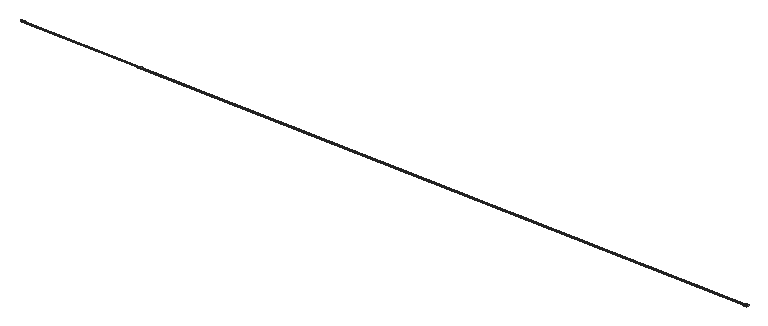
Revit family "Flex Pro IP65_0068179-82", category Lighting Fixtures, host Face, Revit 2017 (continued)
Automatic sketch dimensions
  Extrusion 54 sketch curve to Extrusion 54 sketch curve = 3.4 mm  (x6)
  Extrusion 55 sketch curve to Extrusion 55 sketch curve = 2.8 mm  (x6)
  Extrusion 55 sketch curve to Extrusion 55 sketch curve = 5.5 mm  (x5)
  Extrusion 55 sketch curve to Extrusion 55 sketch curve = 0 mm  (x5)
  Extrusion 55 sketch curve to Extrusion 55 sketch curve = 3.4 mm  (x6)
  Extrusion 56 sketch curve to Extrusion 56 sketch curve = 2.8 mm  (x6)
  Extrusion 56 sketch curve to Extrusion 56 sketch curve = 5.5 mm  (x5)
  Extrusion 56 sketch curve to Extrusion 56 sketch curve = 0 mm  (x5)
  Extrusion 56 sketch curve to Extrusion 56 sketch curve = 3.4 mm  (x6)
  Extrusion 57 sketch curve to Extrusion 57 sketch curve = 2.8 mm  (x6)
  Extrusion 57 sketch curve to Extrusion 57 sketch curve = 5.5 mm  (x5)
  Extrusion 57 sketch curve to Extrusion 57 sketch curve = 0 mm  (x5)
  Extrusion 57 sketch curve to Extrusion 57 sketch curve = 3.4 mm  (x6)
  Extrusion 58 sketch curve to Extrusion 58 sketch curve = 2.8 mm  (x6)
  Extrusion 58 sketch curve to Extrusion 58 sketch curve = 5.5 mm  (x5)
  Extrusion 58 sketch curve to Extrusion 58 sketch curve = 0 mm  (x5)
  Extrusion 58 sketch curve to Extrusion 58 sketch curve = 3.4 mm  (x6)
  Extrusion 59 sketch curve to Extrusion 59 sketch curve = 2.8 mm  (x6)
  Extrusion 59 sketch curve to Extrusion 59 sketch curve = 5.5 mm  (x5)
  Extrusion 59 sketch curve to Extrusion 59 sketch curve = 0 mm  (x5)
  Extrusion 59 sketch curve to Extrusion 59 sketch curve = 3.4 mm  (x6)
  Extrusion 60 sketch curve to Extrusion 60 sketch curve = 2.8 mm  (x6)
  Extrusion 60 sketch curve to Extrusion 60 sketch curve = 5.5 mm  (x5)
  Extrusion 60 sketch curve to Extrusion 60 sketch curve = 0 mm  (x5)
  Extrusion 60 sketch curve to Extrusion 60 sketch curve = 3.4 mm  (x6)
  Extrusion 61 sketch curve to Extrusion 61 sketch curve = 2.8 mm  (x6)
  Extrusion 61 sketch curve to Extrusion 61 sketch curve = 5.5 mm  (x5)
  Extrusion 61 sketch curve to Extrusion 61 sketch curve = 0 mm  (x5)
  Extrusion 61 sketch curve to Extrusion 61 sketch curve = 3.4 mm  (x6)
  Extrusion 62 sketch curve to Extrusion 62 sketch curve = 2.8 mm  (x6)
  Extrusion 62 sketch curve to Extrusion 62 sketch curve = 5.5 mm  (x5)
  Extrusion 62 sketch curve to Extrusion 62 sketch curve = 0 mm  (x5)
  Extrusion 62 sketch curve to Extrusion 62 sketch curve = 3.4 mm  (x6)
  Extrusion 63 sketch curve to Extrusion 63 sketch curve = 2.8 mm  (x6)
  Extrusion 63 sketch curve to Extrusion 63 sketch curve = 5.5 mm  (x5)
  Extrusion 63 sketch curve to Extrusion 63 sketch curve = 0 mm  (x5)
  Extrusion 63 sketch curve to Extrusion 63 sketch curve = 3.4 mm  (x6)
  Extrusion 64 sketch curve to Extrusion 64 sketch curve = 2.8 mm  (x6)
  Extrusion 64 sketch curve to Extrusion 64 sketch curve = 5.5 mm  (x5)
  Extrusion 64 sketch curve to Extrusion 64 sketch curve = 0 mm  (x5)
  Extrusion 64 sketch curve to Extrusion 64 sketch curve = 3.4 mm  (x6)
  Extrusion 65 sketch curve to Extrusion 65 sketch curve = 2.8 mm  (x6)
  Extrusion 65 sketch curve to Extrusion 65 sketch curve = 5.5 mm  (x5)
  Extrusion 65 sketch curve to Extrusion 65 sketch curve = 0 mm  (x5)
  Extrusion 65 sketch curve to Extrusion 65 sketch curve = 3.4 mm  (x6)
  Extrusion 66 sketch curve to Extrusion 66 sketch curve = 2.8 mm  (x6)
  Extrusion 66 sketch curve to Extrusion 66 sketch curve = 5.5 mm  (x5)
  Extrusion 66 sketch curve to Extrusion 66 sketch curve = 0 mm  (x5)
  Extrusion 66 sketch curve to Extrusion 66 sketch curve = 3.4 mm  (x6)
  Extrusion 67 sketch curve to Extrusion 67 sketch curve = 2.8 mm  (x6)
  Extrusion 67 sketch curve to Extrusion 67 sketch curve = 5.5 mm  (x5)
  Extrusion 67 sketch curve to Extrusion 67 sketch curve = 0 mm  (x5)
  Extrusion 67 sketch curve to Extrusion 67 sketch curve = 3.4 mm  (x6)
  Extrusion 68 sketch curve to Extrusion 68 sketch curve = 2.8 mm  (x6)
  Extrusion 68 sketch curve to Extrusion 68 sketch curve = 5.5 mm  (x5)
  Extrusion 68 sketch curve to Extrusion 68 sketch curve = 0 mm  (x5)
  Extrusion 68 sketch curve to Extrusion 68 sketch curve = 3.4 mm  (x6)
  Extrusion 69 sketch curve to Extrusion 69 sketch curve = 2.8 mm  (x6)
  Extrusion 69 sketch curve to Extrusion 69 sketch curve = 5.5 mm  (x5)
  Extrusion 69 sketch curve to Extrusion 69 sketch curve = 0 mm  (x5)
  Extrusion 69 sketch curve to Extrusion 69 sketch curve = 3.4 mm  (x6)
  Extrusion 70 sketch curve to Extrusion 70 sketch curve = 2.8 mm  (x6)
  Extrusion 70 sketch curve to Extrusion 70 sketch curve = 5.5 mm  (x5)
  Extrusion 70 sketch curve to Extrusion 70 sketch curve = 0 mm  (x5)
  Extrusion 70 sketch curve to Extrusion 70 sketch curve = 3.4 mm  (x6)
  Extrusion 71 sketch curve to Extrusion 71 sketch curve = 2.8 mm  (x6)
  Extrusion 71 sketch curve to Extrusion 71 sketch curve = 5.5 mm  (x5)
  Extrusion 71 sketch curve to Extrusion 71 sketch curve = 0 mm  (x5)
  Extrusion 71 sketch curve to Extrusion 71 sketch curve = 3.4 mm  (x6)
  Extrusion 72 sketch curve to Extrusion 72 sketch curve = 2.8 mm  (x6)
  Extrusion 72 sketch curve to Extrusion 72 sketch curve = 5.5 mm  (x5)
  Extrusion 72 sketch curve to Extrusion 72 sketch curve = 0 mm  (x5)
  Extrusion 72 sketch curve to Extrusion 72 sketch curve = 3.4 mm  (x6)
  Extrusion 73 sketch curve to Extrusion 73 sketch curve = 2.8 mm  (x6)
  Extrusion 73 sketch curve to Extrusion 73 sketch curve = 5.5 mm  (x5)
  Extrusion 73 sketch curve to Extrusion 73 sketch curve = 0 mm  (x5)
  Extrusion 73 sketch curve to Extrusion 73 sketch curve = 3.4 mm  (x6)
  Extrusion 74 sketch curve to Extrusion 74 sketch curve = 2.8 mm  (x6)
  Extrusion 74 sketch curve to Extrusion 74 sketch curve = 5.5 mm  (x5)
  Extrusion 74 sketch curve to Extrusion 74 sketch curve = 0 mm  (x5)
  Extrusion 74 sketch curve to Extrusion 74 sketch curve = 3.4 mm  (x6)
  Extrusion 75 sketch curve to Extrusion 75 sketch curve = 2.8 mm  (x6)
  Extrusion 75 sketch curve to Extrusion 75 sketch curve = 5.5 mm  (x5)
  Extrusion 75 sketch curve to Extrusion 75 sketch curve = 0 mm  (x5)
  Extrusion 75 sketch curve to Extrusion 75 sketch curve = 3.4 mm  (x6)
  Extrusion 76 sketch curve to Extrusion 76 sketch curve = 2.8 mm  (x6)
  Extrusion 76 sketch curve to Extrusion 76 sketch curve = 5.5 mm  (x5)
  Extrusion 76 sketch curve to Extrusion 76 sketch curve = 0 mm  (x5)
  Extrusion 76 sketch curve to Extrusion 76 sketch curve = 3.4 mm  (x6)
  Extrusion 77 sketch curve to Extrusion 77 sketch curve = 2.8 mm  (x6)
  Extrusion 77 sketch curve to Extrusion 77 sketch curve = 5.5 mm  (x5)
  Extrusion 77 sketch curve to Extrusion 77 sketch curve = 0 mm  (x5)
  Extrusion 77 sketch curve to Extrusion 77 sketch curve = 3.4 mm  (x6)
  Extrusion 78 sketch curve to Extrusion 78 sketch curve = 2.8 mm  (x6)
  Extrusion 78 sketch curve to Extrusion 78 sketch curve = 5.5 mm  (x5)
  Extrusion 78 sketch curve to Extrusion 78 sketch curve = 0 mm  (x5)
  Extrusion 78 sketch curve to Extrusion 78 sketch curve = 3.4 mm  (x6)
  Extrusion 79 sketch curve to Extrusion 79 sketch curve = 2.8 mm  (x6)
  Extrusion 79 sketch curve to Extrusion 79 sketch curve = 5.5 mm  (x5)
  Extrusion 79 sketch curve to Extrusion 79 sketch curve = 0 mm  (x5)
  Extrusion 79 sketch curve to Extrusion 79 sketch curve = 3.4 mm  (x6)
  Extrusion 80 sketch curve to Extrusion 80 sketch curve = 2.8 mm  (x6)
  Extrusion 80 sketch curve to Extrusion 80 sketch curve = 5.5 mm  (x5)
  Extrusion 80 sketch curve to Extrusion 80 sketch curve = 0 mm  (x5)
  Extrusion 80 sketch curve to Extrusion 80 sketch curve = 3.4 mm  (x6)
  Extrusion 81 sketch curve to Extrusion 81 sketch curve = 2.8 mm  (x6)
  Extrusion 81 sketch curve to Extrusion 81 sketch curve = 5.5 mm  (x5)
  Extrusion 81 sketch curve to Extrusion 81 sketch curve = 0 mm  (x5)
  Extrusion 81 sketch curve to Extrusion 81 sketch curve = 3.4 mm  (x6)
  Extrusion 82 sketch curve to Extrusion 82 sketch curve = 2.8 mm  (x6)
  Extrusion 82 sketch curve to Extrusion 82 sketch curve = 5.5 mm  (x5)
  Extrusion 82 sketch curve to Extrusion 82 sketch curve = 0 mm  (x5)
  Extrusion 82 sketch curve to Extrusion 82 sketch curve = 3.4 mm  (x6)
  Extrusion 83 sketch curve to Extrusion 83 sketch curve = 2.8 mm  (x6)
  Extrusion 83 sketch curve to Extrusion 83 sketch curve = 5.5 mm  (x5)
  Extrusion 83 sketch curve to Extrusion 83 sketch curve = 0 mm  (x5)
  Extrusion 83 sketch curve to Extrusion 83 sketch curve = 3.4 mm  (x6)
  Extrusion 84 sketch curve to Extrusion 84 sketch curve = 2.8 mm  (x6)
  Extrusion 84 sketch curve to Extrusion 84 sketch curve = 5.5 mm  (x5)
  Extrusion 84 sketch curve to Extrusion 84 sketch curve = 0 mm  (x5)
  Extrusion 84 sketch curve to Extrusion 84 sketch curve = 3.4 mm  (x6)
  Extrusion 85 sketch curve to Extrusion 85 sketch curve = 2.8 mm  (x6)
  Extrusion 85 sketch curve to Extrusion 85 sketch curve = 5.5 mm  (x5)
  Extrusion 85 sketch curve to Extrusion 85 sketch curve = 0 mm  (x5)
  Extrusion 85 sketch curve to Extrusion 85 sketch curve = 3.4 mm  (x6)
  Extrusion 86 sketch curve to Extrusion 86 sketch curve = 2.8 mm  (x6)
  Extrusion 86 sketch curve to Extrusion 86 sketch curve = 5.5 mm  (x5)
  Extrusion 86 sketch curve to Extrusion 86 sketch curve = 0 mm  (x5)
  Extrusion 86 sketch curve to Extrusion 86 sketch curve = 3.4 mm  (x6)
  Extrusion 87 sketch curve to Extrusion 87 sketch curve = 2.8 mm  (x6)
  Extrusion 87 sketch curve to Extrusion 87 sketch curve = 5.5 mm  (x5)
  Extrusion 87 sketch curve to Extrusion 87 sketch curve = 0 mm  (x5)
  Extrusion 87 sketch curve to Extrusion 87 sketch curve = 3.4 mm  (x6)
  Extrusion 88 sketch curve to Extrusion 88 sketch curve = 2.8 mm  (x6)
  Extrusion 88 sketch curve to Extrusion 88 sketch curve = 5.5 mm  (x5)
  Extrusion 88 sketch curve to Extrusion 88 sketch curve = 0 mm  (x5)
  Extrusion 88 sketch curve to Extrusion 88 sketch curve = 3.4 mm  (x6)
  Extrusion 89 sketch curve to Extrusion 89 sketch curve = 2.8 mm  (x6)
  Extrusion 89 sketch curve to Extrusion 89 sketch curve = 5.5 mm  (x5)
  Extrusion 89 sketch curve to Extrusion 89 sketch curve = 0 mm  (x5)
  Extrusion 89 sketch curve to Extrusion 89 sketch curve = 3.4 mm  (x6)
  Extrusion 90 sketch curve to Extrusion 90 sketch curve = 2.8 mm  (x6)
  Extrusion 90 sketch curve to Extrusion 90 sketch curve = 5.5 mm  (x5)
  Extrusion 90 sketch curve to Extrusion 90 sketch curve = 0 mm  (x5)
  Extrusion 90 sketch curve to Extrusion 90 sketch curve = 3.4 mm  (x6)
  Extrusion 91 sketch curve to Extrusion 91 sketch curve = 2.8 mm  (x6)
  Extrusion 91 sketch curve to Extrusion 91 sketch curve = 5.5 mm  (x5)
  Extrusion 91 sketch curve to Extrusion 91 sketch curve = 0 mm  (x5)
  Extrusion 91 sketch curve to Extrusion 91 sketch curve = 3.4 mm  (x6)
  Extrusion 92 sketch curve to Extrusion 92 sketch curve = 2.8 mm  (x6)
  Extrusion 92 sketch curve to Extrusion 92 sketch curve = 5.5 mm  (x5)
  Extrusion 92 sketch curve to Extrusion 92 sketch curve = 0 mm  (x5)
  Extrusion 92 sketch curve to Extrusion 92 sketch curve = 3.4 mm  (x6)
  Extrusion 93 sketch curve to Extrusion 93 sketch curve = 2.8 mm  (x6)
  Extrusion 93 sketch curve to Extrusion 93 sketch curve = 5.5 mm  (x5)
  Extrusion 93 sketch curve to Extrusion 93 sketch curve = 0 mm  (x5)
  Extrusion 93 sketch curve to Extrusion 93 sketch curve = 3.4 mm  (x6)
  Extrusion 94 sketch curve to Extrusion 94 sketch curve = 2.8 mm  (x6)
  Extrusion 94 sketch curve to Extrusion 94 sketch curve = 5.5 mm  (x5)
  Extrusion 94 sketch curve to Extrusion 94 sketch curve = 0 mm  (x5)
  Extrusion 94 sketch curve to Extrusion 94 sketch curve = 3.4 mm  (x6)
  Extrusion 95 sketch curve to Extrusion 95 sketch curve = 2.8 mm  (x6)
  Extrusion 95 sketch curve to Extrusion 95 sketch curve = 5.5 mm  (x5)
  Extrusion 95 sketch curve to Extrusion 95 sketch curve = 0 mm  (x5)
  Extrusion 95 sketch curve to Extrusion 95 sketch curve = 3.4 mm  (x6)
  Extrusion 96 sketch curve to Extrusion 96 sketch curve = 2.8 mm  (x6)
  Extrusion 96 sketch curve to Extrusion 96 sketch curve = 5.5 mm  (x5)
  Extrusion 96 sketch curve to Extrusion 96 sketch curve = 0 mm  (x5)
  Extrusion 96 sketch curve to Extrusion 96 sketch curve = 3.4 mm  (x6)
  Extrusion 97 sketch curve to Extrusion 97 sketch curve = 2.8 mm  (x6)
  Extrusion 97 sketch curve to Extrusion 97 sketch curve = 5.5 mm  (x5)
  Extrusion 97 sketch curve to Extrusion 97 sketch curve = 0 mm  (x5)
  Extrusion 97 sketch curve to Extrusion 97 sketch curve = 3.4 mm  (x6)
  Extrusion 98 sketch curve to Extrusion 98 sketch curve = 2.8 mm  (x6)
  Extrusion 98 sketch curve to Extrusion 98 sketch curve = 5.5 mm  (x5)
  Extrusion 98 sketch curve to Extrusion 98 sketch curve = 0 mm  (x5)
  Extrusion 98 sketch curve to Extrusion 98 sketch curve = 3.4 mm  (x6)
  Extrusion 99 sketch curve to Extrusion 99 sketch curve = 2.8 mm  (x6)
  Extrusion 99 sketch curve to Extrusion 99 sketch curve = 5.5 mm  (x5)
  Extrusion 99 sketch curve to Extrusion 99 sketch curve = 0 mm  (x5)
  Extrusion 99 sketch curve to Extrusion 99 sketch curve = 3.4 mm  (x6)
  Extrusion 100 sketch curve to Extrusion 100 sketch curve = 2.8 mm  (x6)
  Extrusion 100 sketch curve to Extrusion 100 sketch curve = 5.5 mm  (x5)
  Extrusion 100 sketch curve to Extrusion 100 sketch curve = 0 mm  (x5)
  Extrusion 100 sketch curve to Extrusion 100 sketch curve = 3.4 mm  (x6)
  Extrusion 101 sketch curve to Extrusion 101 sketch curve = 2.8 mm  (x6)
  Extrusion 101 sketch curve to Extrusion 101 sketch curve = 5.5 mm  (x5)
  Extrusion 101 sketch curve to Extrusion 101 sketch curve = 0 mm  (x5)
  Extrusion 101 sketch curve to Extrusion 101 sketch curve = 3.4 mm  (x6)
  Extrusion 102 sketch curve to Extrusion 102 sketch curve = 2.8 mm  (x6)
  Extrusion 102 sketch curve to Extrusion 102 sketch curve = 5.5 mm  (x5)
  Extrusion 102 sketch curve to Extrusion 102 sketch curve = 0 mm  (x5)
  Extrusion 102 sketch curve to Extrusion 102 sketch curve = 3.4 mm  (x6)
  Extrusion 103 sketch curve to Extrusion 103 sketch curve = 2.8 mm  (x6)
  Extrusion 103 sketch curve to Extrusion 103 sketch curve = 5.5 mm  (x5)
  Extrusion 103 sketch curve to Extrusion 103 sketch curve = 0 mm  (x5)
  Extrusion 103 sketch curve to Extrusion 103 sketch curve = 3.4 mm  (x6)
  Extrusion 104 sketch curve to Extrusion 104 sketch curve = 2.8 mm  (x6)
  Extrusion 104 sketch curve to Extrusion 104 sketch curve = 5.5 mm  (x5)
  Extrusion 104 sketch curve to Extrusion 104 sketch curve = 0 mm  (x5)
  Extrusion 104 sketch curve to Extrusion 104 sketch curve = 3.4 mm  (x6)
  Extrusion 105 sketch curve to Extrusion 105 sketch curve = 2.8 mm  (x6)
  Extrusion 105 sketch curve to Extrusion 105 sketch curve = 5.5 mm  (x5)
  Extrusion 105 sketch curve to Extrusion 105 sketch curve = 0 mm  (x5)
  Extrusion 105 sketch curve to Extrusion 105 sketch curve = 3.4 mm  (x6)
  Extrusion 106 sketch curve to Extrusion 106 sketch curve = 2.8 mm  (x6)
  Extrusion 106 sketch curve to Extrusion 106 sketch curve = 5.5 mm  (x5)
  Extrusion 106 sketch curve to Extrusion 106 sketch curve = 0 mm  (x5)
  Extrusion 106 sketch curve to Extrusion 106 sketch curve = 3.4 mm  (x6)
  Extrusion 7 sketch curve to Extrusion 7 sketch curve = 2.1 mm  (x4)
  Extrusion 7 sketch curve to Extrusion 7 sketch curve = 6.2 mm  (x2)
  Extrusion 7 sketch curve to Extrusion 7 sketch curve = 14.5 mm
  Extrusion 7 sketch curve to Extrusion 7 sketch curve = 0 mm  (x3)
  Extrusion 7 sketch curve to Extrusion 7 sketch curve = 3 mm  (x4)
  Extrusion 107 sketch curve to Extrusion 107 sketch curve = 2.1 mm  (x4)
  Extrusion 107 sketch curve to Extrusion 107 sketch curve = 6.2 mm  (x2)
  Extrusion 107 sketch curve to Extrusion 107 sketch curve = 14.5 mm
  Extrusion 107 sketch curve to Extrusion 107 sketch curve = 0 mm  (x3)
  Extrusion 107 sketch curve to Extrusion 107 sketch curve = 3 mm  (x4)
  Extrusion 108 sketch curve to Extrusion 108 sketch curve = 2.1 mm  (x4)
  Extrusion 108 sketch curve to Extrusion 108 sketch curve = 6.2 mm  (x2)
  Extrusion 108 sketch curve to Extrusion 108 sketch curve = 14.5 mm
  Extrusion 108 sketch curve to Extrusion 108 sketch curve = 0 mm  (x3)
  Extrusion 108 sketch curve to Extrusion 108 sketch curve = 3 mm  (x4)
  Extrusion 109 sketch curve to Extrusion 109 sketch curve = 2.1 mm  (x4)
  Extrusion 109 sketch curve to Extrusion 109 sketch curve = 6.2 mm  (x2)
  Extrusion 109 sketch curve to Extrusion 109 sketch curve = 14.5 mm
  Extrusion 109 sketch curve to Extrusion 109 sketch curve = 0 mm  (x3)
  Extrusion 109 sketch curve to Extrusion 109 sketch curve = 3 mm  (x4)
  Extrusion 110 sketch curve to Extrusion 110 sketch curve = 2.1 mm  (x4)
  Extrusion 110 sketch curve to Extrusion 110 sketch curve = 6.2 mm  (x2)
  Extrusion 110 sketch curve to Extrusion 110 sketch curve = 14.5 mm
  Extrusion 110 sketch curve to Extrusion 110 sketch curve = 0 mm  (x3)
  Extrusion 110 sketch curve to Extrusion 110 sketch curve = 3 mm  (x4)
  Extrusion 111 sketch curve to Extrusion 111 sketch curve = 2.1 mm  (x4)
  Extrusion 111 sketch curve to Extrusion 111 sketch curve = 6.2 mm  (x2)
  Extrusion 111 sketch curve to Extrusion 111 sketch curve = 14.5 mm
  Extrusion 111 sketch curve to Extrusion 111 sketch curve = 0 mm  (x3)
  Extrusion 111 sketch curve to Extrusion 111 sketch curve = 3 mm  (x4)
  Extrusion 112 sketch curve to Extrusion 112 sketch curve = 2.1 mm  (x4)
  Extrusion 112 sketch curve to Extrusion 112 sketch curve = 6.2 mm  (x2)
  Extrusion 112 sketch curve to Extrusion 112 sketch curve = 14.5 mm
  Extrusion 112 sketch curve to Extrusion 112 sketch curve = 0 mm  (x3)
  Extrusion 112 sketch curve to Extrusion 112 sketch curve = 3 mm  (x4)
  Extrusion 113 sketch curve to Extrusion 113 sketch curve = 2.1 mm  (x4)
  Extrusion 113 sketch curve to Extrusion 113 sketch curve = 6.2 mm  (x2)
  Extrusion 113 sketch curve to Extrusion 113 sketch curve = 14.5 mm
  Extrusion 113 sketch curve to Extrusion 113 sketch curve = 0 mm  (x3)
  Extrusion 113 sketch curve to Extrusion 113 sketch curve = 3 mm  (x4)
  Extrusion 114 sketch curve to Extrusion 114 sketch curve = 2.1 mm  (x4)
  Extrusion 114 sketch curve to Extrusion 114 sketch curve = 6.2 mm  (x2)
  Extrusion 114 sketch curve to Extrusion 114 sketch curve = 14.5 mm
  Extrusion 114 sketch curve to Extrusion 114 sketch curve = 0 mm  (x3)
  Extrusion 114 sketch curve to Extrusion 114 sketch curve = 3 mm  (x4)
  Extrusion 115 sketch curve to Extrusion 115 sketch curve = 2.1 mm  (x4)
  Extrusion 115 sketch curve to Extrusion 115 sketch curve = 6.2 mm  (x2)
  Extrusion 115 sketch curve to Extrusion 115 sketch curve = 14.5 mm
  Extrusion 115 sketch curve to Extrusion 115 sketch curve = 0 mm  (x3)
  Extrusion 115 sketch curve to Extrusion 115 sketch curve = 3 mm  (x4)
  Extrusion 116 sketch curve to Extrusion 116 sketch curve = 2.1 mm  (x4)
  Extrusion 116 sketch curve to Extrusion 116 sketch curve = 6.2 mm  (x2)
  Extrusion 116 sketch curve to Extrusion 116 sketch curve = 14.5 mm
  Extrusion 116 sketch curve to Extrusion 116 sketch curve = 0 mm  (x3)
  Extrusion 116 sketch curve to Extrusion 116 sketch curve = 3 mm  (x4)
  Extrusion 117 sketch curve to Extrusion 117 sketch curve = 2.1 mm  (x4)
  Extrusion 117 sketch curve to Extrusion 117 sketch curve = 6.2 mm  (x2)
  Extrusion 117 sketch curve to Extrusion 117 sketch curve = 14.5 mm
  Extrusion 117 sketch curve to Extrusion 117 sketch curve = 0 mm  (x3)
  Extrusion 117 sketch curve to Extrusion 117 sketch curve = 3 mm  (x4)
  Extrusion 118 sketch curve to Extrusion 118 sketch curve = 2.1 mm  (x4)
  Extrusion 118 sketch curve to Extrusion 118 sketch curve = 6.2 mm  (x2)
  Extrusion 118 sketch curve to Extrusion 118 sketch curve = 14.5 mm
  Extrusion 118 sketch curve to Extrusion 118 sketch curve = 0 mm  (x3)
  Extrusion 118 sketch curve to Extrusion 118 sketch curve = 3 mm  (x4)
  Extrusion 119 sketch curve to Extrusion 119 sketch curve = 2.1 mm  (x4)
  Extrusion 119 sketch curve to Extrusion 119 sketch curve = 6.2 mm  (x2)
  Extrusion 119 sketch curve to Extrusion 119 sketch curve = 14.5 mm
  Extrusion 119 sketch curve to Extrusion 119 sketch curve = 0 mm  (x3)
  Extrusion 119 sketch curve to Extrusion 119 sketch curve = 3 mm  (x4)
  Extrusion 120 sketch curve to Extrusion 120 sketch curve = 2.1 mm  (x4)
  Extrusion 120 sketch curve to Extrusion 120 sketch curve = 6.2 mm  (x2)
  Extrusion 120 sketch curve to Extrusion 120 sketch curve = 14.5 mm
  Extrusion 120 sketch curve to Extrusion 120 sketch curve = 0 mm  (x3)
  Extrusion 120 sketch curve to Extrusion 120 sketch curve = 3 mm  (x4)
  Extrusion 121 sketch curve to Extrusion 121 sketch curve = 2.1 mm  (x4)
  Extrusion 121 sketch curve to Extrusion 121 sketch curve = 6.2 mm  (x2)
  Extrusion 121 sketch curve to Extrusion 121 sketch curve = 14.5 mm
  Extrusion 121 sketch curve to Extrusion 121 sketch curve = 0 mm  (x3)
  Extrusion 121 sketch curve to Extrusion 121 sketch curve = 3 mm  (x4)
  Extrusion 122 sketch curve to Extrusion 122 sketch curve = 2.1 mm  (x4)
  Extrusion 122 sketch curve to Extrusion 122 sketch curve = 6.2 mm  (x2)
  Extrusion 122 sketch curve to Extrusion 122 sketch curve = 14.5 mm
  Extrusion 122 sketch curve to Extrusion 122 sketch curve = 0 mm  (x3)
  Extrusion 122 sketch curve to Extrusion 122 sketch curve = 3 mm  (x4)
  Extrusion 123 sketch curve to Extrusion 123 sketch curve = 2.1 mm  (x4)
  Extrusion 123 sketch curve to Extrusion 123 sketch curve = 6.2 mm  (x2)
  Extrusion 123 sketch curve to Extrusion 123 sketch curve = 14.5 mm
  Extrusion 123 sketch curve to Extrusion 123 sketch curve = 0 mm  (x3)
  Extrusion 123 sketch curve to Extrusion 123 sketch curve = 3 mm  (x4)
  Extrusion 124 sketch curve to Extrusion 124 sketch curve = 2.1 mm  (x4)
  Extrusion 124 sketch curve to Extrusion 124 sketch curve = 6.2 mm  (x2)
  Extrusion 124 sketch curve to Extrusion 124 sketch curve = 14.5 mm
  Extrusion 124 sketch curve to Extrusion 124 sketch curve = 0 mm  (x3)
  Extrusion 124 sketch curve to Extrusion 124 sketch curve = 3 mm  (x4)
  Extrusion 125 sketch curve to Extrusion 125 sketch curve = 2.1 mm  (x4)
  Extrusion 125 sketch curve to Extrusion 125 sketch curve = 6.2 mm  (x2)
  Extrusion 125 sketch curve to Extrusion 125 sketch curve = 14.5 mm
  Extrusion 125 sketch curve to Extrusion 125 sketch curve = 0 mm  (x3)
  Extrusion 125 sketch curve to Extrusion 125 sketch curve = 3 mm  (x4)
  Extrusion 126 sketch curve to Extrusion 126 sketch curve = 2.1 mm  (x4)
  Extrusion 126 sketch curve to Extrusion 126 sketch curve = 6.2 mm  (x2)
  Extrusion 126 sketch curve to Extrusion 126 sketch curve = 14.5 mm
  Extrusion 126 sketch curve to Extrusion 126 sketch curve = 0 mm  (x3)
  Extrusion 126 sketch curve to Extrusion 126 sketch curve = 3 mm  (x4)
  Extrusion 127 sketch curve to Extrusion 127 sketch curve = 2.1 mm  (x4)
  Extrusion 127 sketch curve to Extrusion 127 sketch curve = 6.2 mm  (x2)
  Extrusion 127 sketch curve to Extrusion 127 sketch curve = 14.5 mm
  Extrusion 127 sketch curve to Extrusion 127 sketch curve = 0 mm  (x3)
  Extrusion 127 sketch curve to Extrusion 127 sketch curve = 3 mm  (x4)
  Extrusion 128 sketch curve to Extrusion 128 sketch curve = 2.1 mm  (x4)
  Extrusion 128 sketch curve to Extrusion 128 sketch curve = 6.2 mm  (x2)
  Extrusion 128 sketch curve to Extrusion 128 sketch curve = 14.5 mm
  Extrusion 128 sketch curve to Extrusion 128 sketch curve = 0 mm  (x3)
  Extrusion 128 sketch curve to Extrusion 128 sketch curve = 3 mm  (x4)
  Extrusion 129 sketch curve to Extrusion 129 sketch curve = 2.1 mm  (x4)
  Extrusion 129 sketch curve to Extrusion 129 sketch curve = 6.2 mm  (x2)
  Extrusion 129 sketch curve to Extrusion 129 sketch curve = 14.5 mm
  Extrusion 129 sketch curve to Extrusion 129 sketch curve = 0 mm  (x3)
  Extrusion 129 sketch curve to Extrusion 129 sketch curve = 3 mm  (x4)
  Extrusion 130 sketch curve to Extrusion 130 sketch curve = 2.1 mm  (x4)
  Extrusion 130 sketch curve to Extrusion 130 sketch curve = 6.2 mm  (x2)
  Extrusion 130 sketch curve to Extrusion 130 sketch curve = 14.5 mm
  Extrusion 130 sketch curve to Extrusion 130 sketch curve = 0 mm  (x3)
  Extrusion 130 sketch curve to Extrusion 130 sketch curve = 3 mm  (x4)
  Extrusion 131 sketch curve to Extrusion 131 sketch curve = 2.1 mm  (x4)
  Extrusion 131 sketch curve to Extrusion 131 sketch curve = 6.2 mm  (x2)
  Extrusion 131 sketch curve to Extrusion 131 sketch curve = 14.5 mm
  Extrusion 131 sketch curve to Extrusion 131 sketch curve = 0 mm  (x3)
  Extrusion 131 sketch curve to Extrusion 131 sketch curve = 3 mm  (x4)
  Extrusion 132 sketch curve to Extrusion 132 sketch curve = 2.1 mm  (x4)
  Extrusion 132 sketch curve to Extrusion 132 sketch curve = 6.2 mm  (x2)
  Extrusion 132 sketch curve to Extrusion 132 sketch curve = 14.5 mm
  Extrusion 132 sketch curve to Extrusion 132 sketch curve = 0 mm  (x3)
  Extrusion 132 sketch curve to Extrusion 132 sketch curve = 3 mm  (x4)
  Extrusion 133 sketch curve to Extrusion 133 sketch curve = 2.1 mm  (x4)
  Extrusion 133 sketch curve to Extrusion 133 sketch curve = 6.2 mm  (x2)
  Extrusion 133 sketch curve to Extrusion 133 sketch curve = 14.5 mm
  Extrusion 133 sketch curve to Extrusion 133 sketch curve = 0 mm  (x3)
  Extrusion 133 sketch curve to Extrusion 133 sketch curve = 3 mm  (x4)
  Extrusion 134 sketch curve to Extrusion 134 sketch curve = 2.1 mm  (x4)
  Extrusion 134 sketch curve to Extrusion 134 sketch curve = 6.2 mm  (x2)
  Extrusion 134 sketch curve to Extrusion 134 sketch curve = 14.5 mm
  Extrusion 134 sketch curve to Extrusion 134 sketch curve = 0 mm  (x3)
  Extrusion 134 sketch curve to Extrusion 134 sketch curve = 3 mm  (x4)
  Extrusion 135 sketch curve to Extrusion 135 sketch curve = 2.1 mm  (x4)
  Extrusion 135 sketch curve to Extrusion 135 sketch curve = 6.2 mm  (x2)
  Extrusion 135 sketch curve to Extrusion 135 sketch curve = 14.5 mm
  Extrusion 135 sketch curve to Extrusion 135 sketch curve = 0 mm  (x3)
  Extrusion 135 sketch curve to Extrusion 135 sketch curve = 3 mm  (x4)
  Extrusion 136 sketch curve to Extrusion 136 sketch curve = 2.1 mm  (x4)
  Extrusion 136 sketch curve to Extrusion 136 sketch curve = 6.2 mm  (x2)
  Extrusion 136 sketch curve to Extrusion 136 sketch curve = 14.5 mm
  Extrusion 136 sketch curve to Extrusion 136 sketch curve = 0 mm  (x3)
  Extrusion 136 sketch curve to Extrusion 136 sketch curve = 3 mm  (x4)
  Extrusion 137 sketch curve to Extrusion 137 sketch curve = 2.1 mm  (x4)
  Extrusion 137 sketch curve to Extrusion 137 sketch curve = 6.2 mm  (x2)
  Extrusion 137 sketch curve to Extrusion 137 sketch curve = 14.5 mm
  Extrusion 137 sketch curve to Extrusion 137 sketch curve = 0 mm  (x3)
  Extrusion 137 sketch curve to Extrusion 137 sketch curve = 3 mm  (x4)
  Extrusion 138 sketch curve to Extrusion 138 sketch curve = 2.1 mm  (x4)
  Extrusion 138 sketch curve to Extrusion 138 sketch curve = 6.2 mm  (x2)
  Extrusion 138 sketch curve to Extrusion 138 sketch curve = 14.5 mm
  Extrusion 138 sketch curve to Extrusion 138 sketch curve = 0 mm  (x3)
  Extrusion 138 sketch curve to Extrusion 138 sketch curve = 3 mm  (x4)
  Extrusion 139 sketch curve to Extrusion 139 sketch curve = 2.1 mm  (x4)
  Extrusion 139 sketch curve to Extrusion 139 sketch curve = 6.2 mm  (x2)
  Extrusion 139 sketch curve to Extrusion 139 sketch curve = 14.5 mm
  Extrusion 139 sketch curve to Extrusion 139 sketch curve = 0 mm  (x3)
  Extrusion 139 sketch curve to Extrusion 139 sketch curve = 3 mm  (x4)
  Extrusion 140 sketch curve to Extrusion 140 sketch curve = 2.1 mm  (x4)
  Extrusion 140 sketch curve to Extrusion 140 sketch curve = 6.2 mm  (x2)
  Extrusion 140 sketch curve to Extrusion 140 sketch curve = 14.5 mm
  Extrusion 140 sketch curve to Extrusion 140 sketch curve = 0 mm  (x3)
  Extrusion 140 sketch curve to Extrusion 140 sketch curve = 3 mm  (x4)
  Extrusion 141 sketch curve to Extrusion 141 sketch curve = 2.1 mm  (x4)
  Extrusion 141 sketch curve to Extrusion 141 sketch curve = 6.2 mm  (x2)
  Extrusion 141 sketch curve to Extrusion 141 sketch curve = 14.5 mm
  Extrusion 141 sketch curve to Extrusion 141 sketch curve = 0 mm  (x3)
  Extrusion 141 sketch curve to Extrusion 141 sketch curve = 3 mm  (x4)
  Extrusion 142 sketch curve to Extrusion 142 sketch curve = 2.1 mm  (x4)
  Extrusion 142 sketch curve to Extrusion 142 sketch curve = 6.2 mm  (x2)
  Extrusion 142 sketch curve to Extrusion 142 sketch curve = 14.5 mm
  Extrusion 142 sketch curve to Extrusion 142 sketch curve = 0 mm  (x3)
  Extrusion 142 sketch curve to Extrusion 142 sketch curve = 3 mm  (x4)
  Extrusion 143 sketch curve to Extrusion 143 sketch curve = 2.1 mm  (x4)
  Extrusion 143 sketch curve to Extrusion 143 sketch curve = 6.2 mm  (x2)
  Extrusion 143 sketch curve to Extrusion 143 sketch curve = 14.5 mm
  Extrusion 143 sketch curve to Extrusion 143 sketch curve = 0 mm  (x3)
  Extrusion 143 sketch curve to Extrusion 143 sketch curve = 3 mm  (x4)
  Extrusion 144 sketch curve to Extrusion 144 sketch curve = 2.1 mm  (x4)
  Extrusion 144 sketch curve to Extrusion 144 sketch curve = 6.2 mm  (x2)
  Extrusion 144 sketch curve to Extrusion 144 sketch curve = 14.5 mm
  Extrusion 144 sketch curve to Extrusion 144 sketch curve = 0 mm  (x3)
  Extrusion 144 sketch curve to Extrusion 144 sketch curve = 3 mm  (x4)
  Extrusion 145 sketch curve to Extrusion 145 sketch curve = 2.1 mm  (x4)
  Extrusion 145 sketch curve to Extrusion 145 sketch curve = 6.2 mm  (x2)
  Extrusion 145 sketch curve to Extrusion 145 sketch curve = 14.5 mm
  Extrusion 145 sketch curve to Extrusion 145 sketch curve = 0 mm  (x3)
  Extrusion 145 sketch curve to Extrusion 145 sketch curve = 3 mm  (x4)
  Extrusion 146 sketch curve to Extrusion 146 sketch curve = 2.1 mm  (x4)
  Extrusion 146 sketch curve to Extrusion 146 sketch curve = 6.2 mm  (x2)
  Extrusion 146 sketch curve to Extrusion 146 sketch curve = 14.5 mm
  Extrusion 146 sketch curve to Extrusion 146 sketch curve = 0 mm  (x3)
  Extrusion 146 sketch curve to Extrusion 146 sketch curve = 3 mm  (x4)
  Extrusion 147 sketch curve to Extrusion 147 sketch curve = 2.1 mm  (x4)
  Extrusion 147 sketch curve to Extrusion 147 sketch curve = 6.2 mm  (x2)
  Extrusion 147 sketch curve to Extrusion 147 sketch curve = 14.5 mm
  Extrusion 147 sketch curve to Extrusion 147 sketch curve = 0 mm  (x3)
  Extrusion 147 sketch curve to Extrusion 147 sketch curve = 3 mm  (x4)
  Extrusion 148 sketch curve to Extrusion 148 sketch curve = 2.1 mm  (x4)
  Extrusion 148 sketch curve to Extrusion 148 sketch curve = 6.2 mm  (x2)
  Extrusion 148 sketch curve to Extrusion 148 sketch curve = 14.5 mm
  Extrusion 148 sketch curve to Extrusion 148 sketch curve = 0 mm  (x3)
  Extrusion 148 sketch curve to Extrusion 148 sketch curve = 3 mm  (x4)
  Extrusion 149 sketch curve to Extrusion 149 sketch curve = 2.1 mm  (x4)
  Extrusion 149 sketch curve to Extrusion 149 sketch curve = 6.2 mm  (x2)
  Extrusion 149 sketch curve to Extrusion 149 sketch curve = 14.5 mm
  Extrusion 149 sketch curve to Extrusion 149 sketch curve = 0 mm  (x3)
  Extrusion 149 sketch curve to Extrusion 149 sketch curve = 3 mm  (x4)
  Extrusion 150 sketch curve to Extrusion 150 sketch curve = 2.1 mm  (x4)
  Extrusion 150 sketch curve to Extrusion 150 sketch curve = 6.2 mm  (x2)
  Extrusion 150 sketch curve to Extrusion 150 sketch curve = 14.5 mm
  Extrusion 150 sketch curve to Extrusion 150 sketch curve = 0 mm  (x3)
  Extrusion 150 sketch curve to Extrusion 150 sketch curve = 3 mm  (x4)
  Extrusion 151 sketch curve to Extrusion 151 sketch curve = 2.1 mm  (x4)
  Extrusion 151 sketch curve to Extrusion 151 sketch curve = 6.2 mm  (x2)
  Extrusion 151 sketch curve to Extrusion 151 sketch curve = 14.5 mm
  Extrusion 151 sketch curve to Extrusion 151 sketch curve = 0 mm  (x3)
  Extrusion 151 sketch curve to Extrusion 151 sketch curve = 3 mm  (x4)
  Extrusion 152 sketch curve to Extrusion 152 sketch curve = 2.1 mm  (x4)
  Extrusion 152 sketch curve to Extrusion 152 sketch curve = 6.2 mm  (x2)
  Extrusion 152 sketch curve to Extrusion 152 sketch curve = 14.5 mm
  Extrusion 152 sketch curve to Extrusion 152 sketch curve = 0 mm  (x3)
  Extrusion 152 sketch curve to Extrusion 152 sketch curve = 3 mm  (x4)
  Extrusion 153 sketch curve to Extrusion 153 sketch curve = 2.1 mm  (x4)
  Extrusion 153 sketch curve to Extrusion 153 sketch curve = 6.2 mm  (x2)
  Extrusion 153 sketch curve to Extrusion 153 sketch curve = 14.5 mm
  Extrusion 153 sketch curve to Extrusion 153 sketch curve = 0 mm  (x3)
  Extrusion 153 sketch curve to Extrusion 153 sketch curve = 3 mm  (x4)
  Extrusion 154 sketch curve to Extrusion 154 sketch curve = 2.1 mm  (x4)
  Extrusion 154 sketch curve to Extrusion 154 sketch curve = 6.2 mm  (x2)
  Extrusion 154 sketch curve to Extrusion 154 sketch curve = 14.5 mm
  Extrusion 154 sketch curve to Extrusion 154 sketch curve = 0 mm  (x3)
  Extrusion 154 sketch curve to Extrusion 154 sketch curve = 3 mm  (x4)
  Extrusion 155 sketch curve to Extrusion 155 sketch curve = 2.1 mm  (x4)
  Extrusion 155 sketch curve to Extrusion 155 sketch curve = 6.2 mm  (x2)
  Extrusion 155 sketch curve to Extrusion 155 sketch curve = 14.5 mm
  Extrusion 155 sketch curve to Extrusion 155 sketch curve = 0 mm  (x3)
  Extrusion 155 sketch curve to Extrusion 155 sketch curve = 3 mm  (x4)
  Extrusion 156 sketch curve to Extrusion 156 sketch curve = 2.1 mm  (x4)
  Extrusion 156 sketch curve to Extrusion 156 sketch curve = 6.2 mm  (x2)
  Extrusion 156 sketch curve to Extrusion 156 sketch curve = 14.5 mm
  Extrusion 156 sketch curve to Extrusion 156 sketch curve = 0 mm  (x3)
  Extrusion 156 sketch curve to Extrusion 156 sketch curve = 3 mm  (x4)
  Extrusion 157 sketch curve to Extrusion 157 sketch curve = 2.1 mm  (x4)
  Extrusion 157 sketch curve to Extrusion 157 sketch curve = 6.2 mm  (x2)
  Extrusion 157 sketch curve to Extrusion 157 sketch curve = 14.5 mm
  Extrusion 157 sketch curve to Extrusion 157 sketch curve = 0 mm  (x3)
  Extrusion 157 sketch curve to Extrusion 157 sketch curve = 3 mm  (x4)
  Extrusion 158 sketch curve to Extrusion 158 sketch curve = 2.1 mm  (x4)
  Extrusion 158 sketch curve to Extrusion 158 sketch curve = 6.2 mm  (x2)
  Extrusion 158 sketch curve to Extrusion 158 sketch curve = 14.5 mm
  Extrusion 158 sketch curve to Extrusion 158 sketch curve = 0 mm  (x3)
  Extrusion 158 sketch curve to Extrusion 158 sketch curve = 3 mm  (x4)
  Extrusion 159 sketch curve to Extrusion 159 sketch curve = 2.1 mm  (x4)
  Extrusion 159 sketch curve to Extrusion 159 sketch curve = 6.2 mm  (x2)
  Extrusion 159 sketch curve to Extrusion 159 sketch curve = 14.5 mm
  Extrusion 159 sketch curve to Extrusion 159 sketch curve = 0 mm  (x3)
  Extrusion 159 sketch curve to Extrusion 159 sketch curve = 3 mm  (x4)
  Extrusion 160 sketch curve to Extrusion 160 sketch curve = 2.1 mm  (x4)
  Extrusion 160 sketch curve to Extrusion 160 sketch curve = 6.2 mm  (x2)
  Extrusion 160 sketch curve to Extrusion 160 sketch curve = 14.5 mm
  Extrusion 160 sketch curve to Extrusion 160 sketch curve = 0 mm  (x3)
  Extrusion 160 sketch curve to Extrusion 160 sketch curve = 3 mm  (x4)
  Extrusion 161 sketch curve to Extrusion 161 sketch curve = 2.1 mm  (x4)
  Extrusion 161 sketch curve to Extrusion 161 sketch curve = 6.2 mm  (x2)
  Extrusion 161 sketch curve to Extrusion 161 sketch curve = 14.5 mm
  Extrusion 161 sketch curve to Extrusion 161 sketch curve = 0 mm  (x3)
  Extrusion 161 sketch curve to Extrusion 161 sketch curve = 3 mm  (x4)
  Extrusion 162 sketch curve to Extrusion 162 sketch curve = 2.1 mm  (x4)
  Extrusion 162 sketch curve to Extrusion 162 sketch curve = 6.2 mm  (x2)
  Extrusion 162 sketch curve to Extrusion 162 sketch curve = 14.5 mm
  Extrusion 162 sketch curve to Extrusion 162 sketch curve = 0 mm  (x3)
  Extrusion 162 sketch curve to Extrusion 162 sketch curve = 3 mm  (x4)
  Extrusion 163 sketch curve to Extrusion 163 sketch curve = 2.1 mm  (x4)
  Extrusion 163 sketch curve to Extrusion 163 sketch curve = 6.2 mm  (x2)
  Extrusion 163 sketch curve to Extrusion 163 sketch curve = 14.5 mm
  Extrusion 163 sketch curve to Extrusion 163 sketch curve = 0 mm  (x3)
  Extrusion 163 sketch curve to Extrusion 163 sketch curve = 3 mm  (x4)
  Extrusion 164 sketch curve to Extrusion 164 sketch curve = 2.1 mm  (x4)
  Extrusion 164 sketch curve to Extrusion 164 sketch curve = 6.2 mm  (x2)
  Extrusion 164 sketch curve to Extrusion 164 sketch curve = 14.5 mm
  Extrusion 164 sketch curve to Extrusion 164 sketch curve = 0 mm  (x3)
  Extrusion 164 sketch curve to Extrusion 164 sketch curve = 3 mm  (x4)
  Extrusion 165 sketch curve to Extrusion 165 sketch curve = 2.1 mm  (x4)
  Extrusion 165 sketch curve to Extrusion 165 sketch curve = 6.2 mm  (x2)
  Extrusion 165 sketch curve to Extrusion 165 sketch curve = 14.5 mm
  Extrusion 165 sketch curve to Extrusion 165 sketch curve = 0 mm  (x3)
  Extrusion 165 sketch curve to Extrusion 165 sketch curve = 3 mm  (x4)
  Extrusion 166 sketch curve to Extrusion 166 sketch curve = 2.1 mm  (x4)
  Extrusion 166 sketch curve to Extrusion 166 sketch curve = 6.2 mm  (x2)
  Extrusion 166 sketch curve to Extrusion 166 sketch curve = 14.5 mm
  Extrusion 166 sketch curve to Extrusion 166 sketch curve = 0 mm  (x3)
  Extrusion 166 sketch curve to Extrusion 166 sketch curve = 3 mm  (x4)
  Extrusion 167 sketch curve to Extrusion 167 sketch curve = 2.1 mm  (x4)
  Extrusion 167 sketch curve to Extrusion 167 sketch curve = 6.2 mm  (x2)
  Extrusion 167 sketch curve to Extrusion 167 sketch curve = 14.5 mm
  Extrusion 167 sketch curve to Extrusion 167 sketch curve = 0 mm  (x3)
  Extrusion 167 sketch curve to Extrusion 167 sketch curve = 3 mm  (x4)
  Extrusion 168 sketch curve to Extrusion 168 sketch curve = 2.1 mm  (x4)
  Extrusion 168 sketch curve to Extrusion 168 sketch curve = 6.2 mm  (x2)
  Extrusion 168 sketch curve to Extrusion 168 sketch curve = 14.5 mm
  Extrusion 168 sketch curve to Extrusion 168 sketch curve = 0 mm  (x3)
  Extrusion 168 sketch curve to Extrusion 168 sketch curve = 3 mm  (x4)
  Extrusion 169 sketch curve to Extrusion 169 sketch curve = 2.1 mm  (x4)
  Extrusion 169 sketch curve to Extrusion 169 sketch curve = 6.2 mm  (x2)
  Extrusion 169 sketch curve to Extrusion 169 sketch curve = 14.5 mm
  Extrusion 169 sketch curve to Extrusion 169 sketch curve = 0 mm  (x3)
  Extrusion 169 sketch curve to Extrusion 169 sketch curve = 3 mm  (x4)
  Extrusion 170 sketch curve to Extrusion 170 sketch curve = 2.1 mm  (x4)
  Extrusion 170 sketch curve to Extrusion 170 sketch curve = 6.2 mm  (x2)
  Extrusion 170 sketch curve to Extrusion 170 sketch curve = 14.5 mm
  Extrusion 170 sketch curve to Extrusion 170 sketch curve = 0 mm  (x3)
  Extrusion 170 sketch curve to Extrusion 170 sketch curve = 3 mm  (x4)
  Extrusion 171 sketch curve to Extrusion 171 sketch curve = 2.1 mm  (x4)
  Extrusion 171 sketch curve to Extrusion 171 sketch curve = 6.2 mm  (x2)
  Extrusion 171 sketch curve to Extrusion 171 sketch curve = 14.5 mm
  Extrusion 171 sketch curve to Extrusion 171 sketch curve = 0 mm  (x3)
  Extrusion 171 sketch curve to Extrusion 171 sketch curve = 3 mm  (x4)
  Extrusion 172 sketch curve to Extrusion 172 sketch curve = 2.1 mm  (x4)
  Extrusion 172 sketch curve to Extrusion 172 sketch curve = 6.2 mm  (x2)
  Extrusion 172 sketch curve to Extrusion 172 sketch curve = 14.5 mm
  Extrusion 172 sketch curve to Extrusion 172 sketch curve = 0 mm  (x3)
  Extrusion 172 sketch curve to Extrusion 172 sketch curve = 3 mm  (x4)
  Extrusion 173 sketch curve to Extrusion 173 sketch curve = 2.1 mm  (x4)
  Extrusion 173 sketch curve to Extrusion 173 sketch curve = 6.2 mm  (x2)
  Extrusion 173 sketch curve to Extrusion 173 sketch curve = 14.5 mm
  Extrusion 173 sketch curve to Extrusion 173 sketch curve = 0 mm  (x3)
  Extrusion 173 sketch curve to Extrusion 173 sketch curve = 3 mm  (x4)
  Extrusion 174 sketch curve to Extrusion 174 sketch curve = 2.1 mm  (x4)
  Extrusion 174 sketch curve to Extrusion 174 sketch curve = 6.2 mm  (x2)
  Extrusion 174 sketch curve to Extrusion 174 sketch curve = 14.5 mm
  Extrusion 174 sketch curve to Extrusion 174 sketch curve = 0 mm  (x3)
  Extrusion 174 sketch curve to Extrusion 174 sketch curve = 3 mm  (x4)
  Extrusion 175 sketch curve to Extrusion 175 sketch curve = 2.1 mm  (x4)
  Extrusion 175 sketch curve to Extrusion 175 sketch curve = 6.2 mm  (x2)
  Extrusion 175 sketch curve to Extrusion 175 sketch curve = 14.5 mm
  Extrusion 175 sketch curve to Extrusion 175 sketch curve = 0 mm  (x3)
  Extrusion 175 sketch curve to Extrusion 175 sketch curve = 3 mm  (x4)
  Extrusion 176 sketch curve to Extrusion 176 sketch curve = 2.1 mm  (x4)
  Extrusion 176 sketch curve to Extrusion 176 sketch curve = 6.2 mm  (x2)
  Extrusion 176 sketch curve to Extrusion 176 sketch curve = 14.5 mm
  Extrusion 176 sketch curve to Extrusion 176 sketch curve = 0 mm  (x3)
  Extrusion 176 sketch curve to Extrusion 176 sketch curve = 3 mm  (x4)
  Extrusion 177 sketch curve to Extrusion 177 sketch curve = 2.1 mm  (x4)
  Extrusion 177 sketch curve to Extrusion 177 sketch curve = 6.2 mm  (x2)
  Extrusion 177 sketch curve to Extrusion 177 sketch curve = 14.5 mm
  Extrusion 177 sketch curve to Extrusion 177 sketch curve = 0 mm  (x3)
  Extrusion 177 sketch curve to Extrusion 177 sketch curve = 3 mm  (x4)
  Extrusion 178 sketch curve to Extrusion 178 sketch curve = 2.1 mm  (x4)
  Extrusion 178 sketch curve to Extrusion 178 sketch curve = 6.2 mm  (x2)
  Extrusion 178 sketch curve to Extrusion 178 sketch curve = 14.5 mm
  Extrusion 178 sketch curve to Extrusion 178 sketch curve = 0 mm  (x3)
  Extrusion 178 sketch curve to Extrusion 178 sketch curve = 3 mm  (x4)
  Extrusion 179 sketch curve to Extrusion 179 sketch curve = 2.1 mm  (x4)
  Extrusion 179 sketch curve to Extrusion 179 sketch curve = 6.2 mm  (x2)
  Extrusion 179 sketch curve to Extrusion 179 sketch curve = 14.5 mm
  Extrusion 179 sketch curve to Extrusion 179 sketch curve = 0 mm  (x3)
  Extrusion 179 sketch curve to Extrusion 179 sketch curve = 3 mm  (x4)
  Extrusion 180 sketch curve to Extrusion 180 sketch curve = 2.1 mm  (x4)
  Extrusion 180 sketch curve to Extrusion 180 sketch curve = 6.2 mm  (x2)
  Extrusion 180 sketch curve to Extrusion 180 sketch curve = 14.5 mm
  Extrusion 180 sketch curve to Extrusion 180 sketch curve = 0 mm  (x3)
  Extrusion 180 sketch curve to Extrusion 180 sketch curve = 3 mm  (x4)
  Extrusion 181 sketch curve to Extrusion 181 sketch curve = 2.1 mm  (x4)
  Extrusion 181 sketch curve to Extrusion 181 sketch curve = 6.2 mm  (x2)
  Extrusion 181 sketch curve to Extrusion 181 sketch curve = 14.5 mm
  Extrusion 181 sketch curve to Extrusion 181 sketch curve = 0 mm  (x3)
  Extrusion 181 sketch curve to Extrusion 181 sketch curve = 3 mm  (x4)
  Extrusion 182 sketch curve to Extrusion 182 sketch curve = 2.1 mm  (x4)
  Extrusion 182 sketch curve to Extrusion 182 sketch curve = 6.2 mm  (x2)
  Extrusion 182 sketch curve to Extrusion 182 sketch curve = 14.5 mm
  Extrusion 182 sketch curve to Extrusion 182 sketch curve = 0 mm  (x3)
  Extrusion 182 sketch curve to Extrusion 182 sketch curve = 3 mm  (x4)
  Extrusion 183 sketch curve to Extrusion 183 sketch curve = 2.1 mm  (x4)
  Extrusion 183 sketch curve to Extrusion 183 sketch curve = 6.2 mm  (x2)
  Extrusion 183 sketch curve to Extrusion 183 sketch curve = 14.5 mm
  Extrusion 183 sketch curve to Extrusion 183 sketch curve = 0 mm  (x3)
  Extrusion 183 sketch curve to Extrusion 183 sketch curve = 3 mm  (x4)
  Extrusion 184 sketch curve to Extrusion 184 sketch curve = 2.1 mm  (x4)
  Extrusion 184 sketch curve to Extrusion 184 sketch curve = 6.2 mm  (x2)
  Extrusion 184 sketch curve to Extrusion 184 sketch curve = 14.5 mm
  Extrusion 184 sketch curve to Extrusion 184 sketch curve = 0 mm  (x3)
  Extrusion 184 sketch curve to Extrusion 184 sketch curve = 3 mm  (x4)
  Extrusion 185 sketch curve to Extrusion 185 sketch curve = 2.1 mm  (x4)
  Extrusion 185 sketch curve to Extrusion 185 sketch curve = 6.2 mm  (x2)
  Extrusion 185 sketch curve to Extrusion 185 sketch curve = 14.5 mm
  Extrusion 185 sketch curve to Extrusion 185 sketch curve = 0 mm  (x3)
  Extrusion 185 sketch curve to Extrusion 185 sketch curve = 3 mm  (x4)
  Extrusion 186 sketch curve to Extrusion 186 sketch curve = 2.1 mm  (x4)
  Extrusion 186 sketch curve to Extrusion 186 sketch curve = 6.2 mm  (x2)
  Extrusion 186 sketch curve to Extrusion 186 sketch curve = 14.5 mm
  Extrusion 186 sketch curve to Extrusion 186 sketch curve = 0 mm  (x3)
  Extrusion 186 sketch curve to Extrusion 186 sketch curve = 3 mm  (x4)
  Extrusion 187 sketch curve to Extrusion 187 sketch curve = 2.1 mm  (x4)
  Extrusion 187 sketch curve to Extrusion 187 sketch curve = 6.2 mm  (x2)
  Extrusion 187 sketch curve to Extrusion 187 sketch curve = 14.5 mm
  Extrusion 187 sketch curve to Extrusion 187 sketch curve = 0 mm  (x3)
  Extrusion 187 sketch curve to Extrusion 187 sketch curve = 3 mm  (x4)
  Extrusion 188 sketch curve to Extrusion 188 sketch curve = 2.1 mm  (x4)
  Extrusion 188 sketch curve to Extrusion 188 sketch curve = 6.2 mm  (x2)
  Extrusion 188 sketch curve to Extrusion 188 sketch curve = 14.5 mm
  Extrusion 188 sketch curve to Extrusion 188 sketch curve = 0 mm  (x3)
  Extrusion 188 sketch curve to Extrusion 188 sketch curve = 3 mm  (x4)
  Extrusion 189 sketch curve to Extrusion 189 sketch curve = 2.1 mm  (x4)
  Extrusion 189 sketch curve to Extrusion 189 sketch curve = 6.2 mm  (x2)
  Extrusion 189 sketch curve to Extrusion 189 sketch curve = 14.5 mm
  Extrusion 189 sketch curve to Extrusion 189 sketch curve = 0 mm  (x3)
  Extrusion 189 sketch curve to Extrusion 189 sketch curve = 3 mm  (x4)
  Extrusion 190 sketch curve to Extrusion 190 sketch curve = 2.1 mm  (x4)
  Extrusion 190 sketch curve to Extrusion 190 sketch curve = 6.2 mm  (x2)
  Extrusion 190 sketch curve to Extrusion 190 sketch curve = 14.5 mm
  Extrusion 190 sketch curve to Extrusion 190 sketch curve = 0 mm  (x3)
  Extrusion 190 sketch curve to Extrusion 190 sketch curve = 3 mm  (x4)
  Extrusion 191 sketch curve to Extrusion 191 sketch curve = 2.1 mm  (x4)
  Extrusion 191 sketch curve to Extrusion 191 sketch curve = 6.2 mm  (x2)
  Extrusion 191 sketch curve to Extrusion 191 sketch curve = 14.5 mm
  Extrusion 191 sketch curve to Extrusion 191 sketch curve = 0 mm  (x3)
  Extrusion 191 sketch curve to Extrusion 191 sketch curve = 3 mm  (x4)
  Extrusion 192 sketch curve to Extrusion 192 sketch curve = 2.1 mm  (x4)
  Extrusion 192 sketch curve to Extrusion 192 sketch curve = 6.2 mm  (x2)
  Extrusion 192 sketch curve to Extrusion 192 sketch curve = 14.5 mm
  Extrusion 192 sketch curve to Extrusion 192 sketch curve = 0 mm  (x3)
  Extrusion 192 sketch curve to Extrusion 192 sketch curve = 3 mm  (x4)
  Extrusion 193 sketch curve to Extrusion 193 sketch curve = 2.1 mm  (x4)
  Extrusion 193 sketch curve to Extrusion 193 sketch curve = 6.2 mm  (x2)
  Extrusion 193 sketch curve to Extrusion 193 sketch curve = 14.5 mm
  Extrusion 193 sketch curve to Extrusion 193 sketch curve = 0 mm  (x3)
  Extrusion 193 sketch curve to Extrusion 193 sketch curve = 3 mm  (x4)
  Extrusion 194 sketch curve to Extrusion 194 sketch curve = 2.1 mm  (x4)
  Extrusion 194 sketch curve to Extrusion 194 sketch curve = 6.2 mm  (x2)
  Extrusion 194 sketch curve to Extrusion 194 sketch curve = 14.5 mm
  Extrusion 194 sketch curve to Extrusion 194 sketch curve = 0 mm  (x3)
  Extrusion 194 sketch curve to Extrusion 194 sketch curve = 3 mm  (x4)
  Extrusion 195 sketch curve to Extrusion 195 sketch curve = 2.1 mm  (x4)
  Extrusion 195 sketch curve to Extrusion 195 sketch curve = 6.2 mm  (x2)
  Extrusion 195 sketch curve to Extrusion 195 sketch curve = 14.5 mm
  Extrusion 195 sketch curve to Extrusion 195 sketch curve = 0 mm  (x3)
  Extrusion 195 sketch curve to Extrusion 195 sketch curve = 3 mm  (x4)
  Extrusion 196 sketch curve to Extrusion 196 sketch curve = 2.1 mm  (x4)
  Extrusion 196 sketch curve to Extrusion 196 sketch curve = 6.2 mm  (x2)
  Extrusion 196 sketch curve to Extrusion 196 sketch curve = 14.5 mm
  Extrusion 196 sketch curve to Extrusion 196 sketch curve = 0 mm  (x3)
  Extrusion 196 sketch curve to Extrusion 196 sketch curve = 3 mm  (x4)
  Extrusion 197 sketch curve to Extrusion 197 sketch curve = 2.1 mm  (x4)
  Extrusion 197 sketch curve to Extrusion 197 sketch curve = 6.2 mm  (x2)
  Extrusion 197 sketch curve to Extrusion 197 sketch curve = 14.5 mm
  Extrusion 197 sketch curve to Extrusion 197 sketch curve = 0 mm  (x3)
  Extrusion 197 sketch curve to Extrusion 197 sketch curve = 3 mm  (x4)
  Extrusion 198 sketch curve to Extrusion 198 sketch curve = 2.1 mm  (x4)
  Extrusion 198 sketch curve to Extrusion 198 sketch curve = 6.2 mm  (x2)
  Extrusion 198 sketch curve to Extrusion 198 sketch curve = 14.5 mm
  Extrusion 198 sketch curve to Extrusion 198 sketch curve = 0 mm  (x3)
  Extrusion 198 sketch curve to Extrusion 198 sketch curve = 3 mm  (x4)
  Extrusion 199 sketch curve to Extrusion 199 sketch curve = 2.1 mm  (x4)
  Extrusion 199 sketch curve to Extrusion 199 sketch curve = 6.2 mm  (x2)
  Extrusion 199 sketch curve to Extrusion 199 sketch curve = 14.5 mm
  Extrusion 199 sketch curve to Extrusion 199 sketch curve = 0 mm  (x3)
  Extrusion 199 sketch curve to Extrusion 199 sketch curve = 3 mm  (x4)
  Extrusion 200 sketch curve to Extrusion 200 sketch curve = 2.1 mm  (x4)
  Extrusion 200 sketch curve to Extrusion 200 sketch curve = 6.2 mm  (x2)
  Extrusion 200 sketch curve to Extrusion 200 sketch curve = 14.5 mm
  Extrusion 200 sketch curve to Extrusion 200 sketch curve = 0 mm  (x3)
  Extrusion 200 sketch curve to Extrusion 200 sketch curve = 3 mm  (x4)
  Extrusion 201 sketch curve to Extrusion 201 sketch curve = 2.1 mm  (x4)
  Extrusion 201 sketch curve to Extrusion 201 sketch curve = 6.2 mm  (x2)
  Extrusion 201 sketch curve to Extrusion 201 sketch curve = 14.5 mm
  Extrusion 201 sketch curve to Extrusion 201 sketch curve = 0 mm  (x3)
  Extrusion 201 sketch curve to Extrusion 201 sketch curve = 3 mm  (x4)
  Extrusion 202 sketch curve to Extrusion 202 sketch curve = 2.1 mm  (x4)
  Extrusion 202 sketch curve to Extrusion 202 sketch curve = 6.2 mm  (x2)
  Extrusion 202 sketch curve to Extrusion 202 sketch curve = 14.5 mm
  Extrusion 202 sketch curve to Extrusion 202 sketch curve = 0 mm  (x3)
  Extrusion 202 sketch curve to Extrusion 202 sketch curve = 3 mm  (x4)
  Extrusion 203 sketch curve to Extrusion 203 sketch curve = 2.1 mm  (x4)
  Extrusion 203 sketch curve to Extrusion 203 sketch curve = 6.2 mm  (x2)
  Extrusion 203 sketch curve to Extrusion 203 sketch curve = 14.5 mm
  Extrusion 203 sketch curve to Extrusion 203 sketch curve = 0 mm  (x3)
  Extrusion 203 sketch curve to Extrusion 203 sketch curve = 3 mm  (x4)
  Extrusion 204 sketch curve to Extrusion 204 sketch curve = 2.1 mm  (x4)
  Extrusion 204 sketch curve to Extrusion 204 sketch curve = 6.2 mm  (x2)
  Extrusion 204 sketch curve to Extrusion 204 sketch curve = 14.5 mm
  Extrusion 204 sketch curve to Extrusion 204 sketch curve = 0 mm  (x3)
  Extrusion 204 sketch curve to Extrusion 204 sketch curve = 3 mm  (x4)
  Extrusion 205 sketch curve to Extrusion 205 sketch curve = 2.1 mm  (x4)
  Extrusion 205 sketch curve to Extrusion 205 sketch curve = 6.2 mm  (x2)
  Extrusion 205 sketch curve to Extrusion 205 sketch curve = 14.5 mm
  Extrusion 205 sketch curve to Extrusion 205 sketch curve = 0 mm  (x3)
  Extrusion 205 sketch curve to Extrusion 205 sketch curve = 3 mm  (x4)
  plane 11 to Sweep 2 sketch curve = 0 mm
  plane 50 to Extrusion 206 sketch curve = 0 mm
  plane 51 to Extrusion 206 sketch curve = 0 mm
  radius of Sweep 3 sketch curve = 1.353 mm
  radius of Sweep 2 sketch curve = 1.399 mm
Types (4, lengths in mm): name | TypeName | built-in parameter 1150134 | Photometric Web File | Name | ModelReference | ModelNumber | Model | LuminousEfficacy | built-in parameter 1150105 | Lumens | LampNominalLuminous | LampColourTemperature | built-in parameter 1150107 | built-in parameter 1150106 | built-in parameter 1150104 | DocumentationLiterature
  0068181 FLEX PRO IP65 4800LM 940 | "Flex Pro IP65 4800lm 940" | 12 | "0068181.ies" | "Flex Pro IP65 4800lm 940" | "Flex Pro IP65 4800lm 940" | "0068181" | "Flex Pro IP65 4800lm 940" | "100 lm/W" | 381.97 (stored number, unit not read) | 4800 lm | "4800 lm" | "4000 K" | 4000 (stored number, unit not read) | 3.8197 (stored number, unit not read) | 9.2903 (stored number, unit not read) | "http://www.sylvania-lighting.com/product/en-int/products/0068181"
  0068180 FLEX PRO IP65 4400LM 930 | "Flex Pro IP65 4400lm 930" | (empty or 0) | "0068180.ies" | "Flex Pro IP65 4400lm 930" | "Flex Pro IP65 4400lm 930" | "0068180" | "Flex Pro IP65 4400lm 930" | "92 lm/W" | 351.41 (stored number, unit not read) | 4416 lm | "4400 lm" | "3000 K" | 3000 (stored number, unit not read) | 3.5141 (stored number, unit not read) | 8.5471 (stored number, unit not read) | "http://www.sylvania-lighting.com/product/en-int/products/0068180"
  0068179 FLEX PRO IP65 3900LM 927 | "Flex Pro IP65 3900lm 927" | (empty or 0) | "0068179.ies" | "Flex Pro IP65 3900lm 927" | "Flex Pro IP65 3900lm 927" | "0068179" | "Flex Pro IP65 3900lm 927" | "81 lm/W" | 309.4 (stored number, unit not read) | 3888 lm | "3900 lm" | "2700 K" | 2700 (stored number, unit not read) | 3.094 (stored number, unit not read) | 7.5251 (stored number, unit not read) | "http://www.sylvania-lighting.com/product/en-int/products/0068179"
  0068182 FLEX PRO IP65 4500LM 965 | "Flex Pro IP65 4500lm 965" | 1 | "0068182.ies" | "Flex Pro IP65 4500lm 965" | "Flex Pro IP65 4500lm 965" | "0068182" | "Flex Pro IP65 4500lm 965" | "94 lm/W" | 359.05 (stored number, unit not read) | 4512 lm | "4500 lm" | "6500 K" | 6500 (stored number, unit not read) | 3.5905 (stored number, unit not read) | 8.7329 (stored number, unit not read) | "http://www.sylvania-lighting.com/product/en-int/products/0068182"
